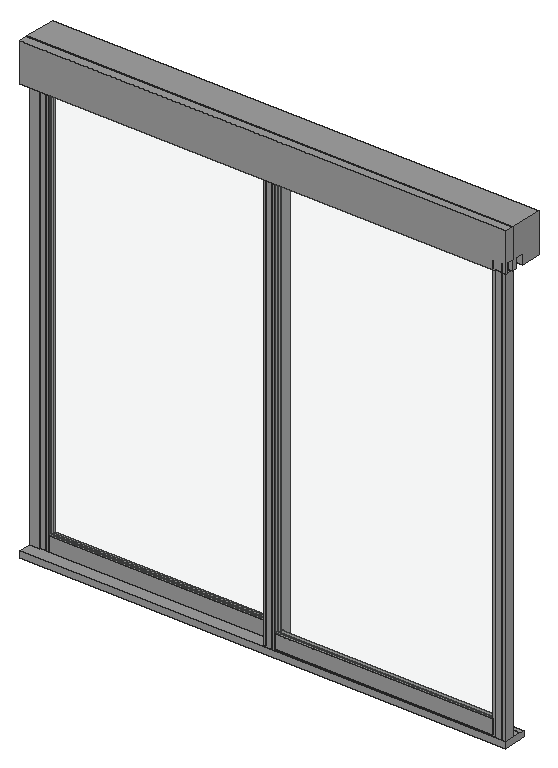
Revit family "Agta_Record_SldngDrset_THERMCORD-E-STA", category Doors, Revit 2012
Parameters (values of type "THERMCORD E-STA-L 200mm drive unit height - left - with side panel")
  WithoutDriveCladding(OnlyApplicableForTypesWithoutSidePanels) = not(WithDriveCladding)  # no
  Without side panels = and(not(Right Panel), not(Left Panel))  # no
  WithinStandardSizes = and(OpeningWidth > 799.90 mm, OpeningWidth < 3000.10 mm, ClearHeightOfPassage < 3000.10 mm, ClearHeightOfPassage > 1999.90 mm)  # yes
  WithDriveCladding = yes
  WarrantyDurationUnit = "Depends on country"
  WallMountingProfile = no
  Wall Opening Width = if(and(Right Panel, Left Panel), OpeningWidth + Side Panel Width Right + Side Panel Width Left, if(Right Panel, OpeningWidth + Side Panel Width Right, if(Left Panel, OpeningWidth + Side Panel Width Left, OpeningWidth)))  # 2446.00 mm
  TotalWidth = if(Left Panel, Side Panel Width Left + OpeningWidth + 51.00 mm, if(Right Panel, Side Panel Width Right + OpeningWidth + 51.00 mm, OpeningWidth + 105.50 mm))  # 2497.00 mm
  TotalHeight = ClearHeightOfPassage + DriveUnitHeight  # 2350.00 mm
  SustainabilityPerformance = "n/a"
  SupportLengthRight = if(Interlacing profile right, (OpeningWidth - 46.00 mm) / 2 + Side Panel Width Right, (OpeningWidth / 2) + 74.00 mm)  # 674.00 mm
  SupportLengthLeft = if(Interlacing profile left, (OpeningWidth - 46.00 mm) / 2 + Side Panel Width Left, (OpeningWidth / 2) + 74.00 mm)  # 1823.00 mm
  SupportLength = SupportLengthRight + SupportLengthLeft  # 2497.00 mm
  Side Panel Width Right = Side Panel Minimum Standard + ExtraRight  # 1246.00 mm
  Side Panel Width Left = Side Panel Minimum Standard + ExtraLeft  # 1246.00 mm
  ServiceLifeType = "n/a"
  Right Profile = DoorOpeningLeft > DoorOpeningRight  # no
  Right Panel = no
  Revision = "n/a"
  Profile Opening Right = if(Interlacing profile left, DoorOpeningRestriction, 0.00 mm)  # 0.00 mm
  Profile Opening Left = if(Interlacing profile right, DoorOpeningRestriction, 0.00 mm)  # 0.00 mm
  ProductInformation = "www.agta-record.com"
  Process = "n/a"
  PanelHeight = ClearHeightOfPassage + 50.00 mm  # 2200.00 mm
  PanelFrames = Sliding Door, Aluminium
  PanelFill = Sliding Door, Laminated Safety Glass (Clear)
  Outer Panel Width Right = Side Panel Minimum Standard - 32.82 mm + ExtraRight  # 1213.18 mm
  Outer Panel Width Left = Side Panel Minimum Standard - 32.82 mm + ExtraLeft  # 1213.18 mm
  OpeningWidth = 1200.00 mm
  Name = "n/a"
  NBSTypeID = "n/a"
  NBSReference = "25-50-20/175"
  NBSOfficeMasterTag = "n/a"
  NBSNote = "n/a"
  NBSDescription = "Automatic Sliding Door"
  NBSCertification = "n/a"
  Mounting profile right = and(Right Panel, WallMountingProfile)  # no
  Mounting profile left = and(Left Panel, WallMountingProfile)  # no
  Modified Profile = or(Wall Opening Width = OpeningWidth, WallMountingProfile)  # no
  ModelNumber = "n/a"
  ModelLabel = "n/a"
  MethodOfMeasurement = "n/a"
  ManufacturerName = "Record"
  Left Profile = DoorOpeningRight > DoorOpeningLeft  # no
  Left Panel = yes
  Interlacing profile right = no
  Width = TotalWidth  # 2497.00 mm
  Weight = "Depends on configuration and size"
  WarrantyStartDate = "Depends on country"
  WarrantyGuarantorParts = "Local door manufacturer"
  WarrantyGuarantorLabour = "Local door manufacturer"
  WarrantyDurationParts = "Depends on country"
  WarrantyDurationLabour = "Depends on country"
  WarrantyDescription = "Depends on country"
  Version = "Version 1.0"
  Uniclass2 = "Ss_25_30_20_77"
  URL = "www.agta-record.com"
  Type Comments = ""
  ThresholdStripping = "No additional required, part of the doorset"
  ThresholdRequired = yes
  ThermalTransmittance = 0
  TagNumber = "n/a"
  SmokeStop = no
  Size = "n/a"
  Side Panel Minimum Standard = Inner Panel Width  # 1246.00 mm
  Shape = "Rectangular"
  ServiceLifeDuration = "10-15 years"
  SerialNumber = "n/a"
  SelfClosing = yes
  Rough Width = TotalWidth + 6.00 mm  # 2503.00 mm
  Rough Height = TotalHeight + 6.00 mm  # 2356.00 mm
  ReplacementCost = "Depends on the configuration and door type"
  ReferenceStandard = "EN16005, EN16361, DIN 18650, etc."
  Reference = "n/a"
  ProductionYear = "n/a"
  PassageWidthOptions = "n/a"
  Operation = "n/a"
  NominalWidth = TotalWidth  # 2497.00 mm
  NominalLength = 0.00 mm
  NominalHeight = TotalHeight  # 2350.00 mm
  ModelReference = "Depends on the configuration"
  Model = "THERMCORD E-STA"
  Material = "Aluminium"
  ManufacturerURL = "www.agta-record.com"
  Manufacturer = "Record"
  LeafColourOptions = "All RAL, customer specific"
  Keynote = ""
  IssueDate = ""
  IsExternal = yes
  Interlancing Profile Height = PanelHeight - 5.00 mm  # 2195.00 mm
  Interlacing profile left = yes
  Interlacing profile 3 = and(Wall Opening Width = OpeningWidth, WithDriveCladding)  # no
  Interlacing profile 2 = and(Wall Opening Width = OpeningWidth, [WithoutDriveCladding(OnlyApplicableForTypesWithoutSidePanels)])  # no
  Interlacing profile 1 = yes
  InstallationDate = "n/a"
  Inner Panel Width = OpeningWidth + 46.00 mm  # 1246.00 mm
  Inner Panel Profile = not(Modified Profile)  # yes
  Infiltration = "n/a"
  IfcExportType = "Door"
  IfcExportAs = "IfcDoorStyle"
  Height = TotalHeight  # 2350.00 mm
  HasDrive = yes
  HandicapAccessible = yes
  Grade = "n/a"
  GlassType = "Part of glazing spec"
  GlassThickness2 = "None (default)"
  GlassThickness1 = "8 mm (default)"
  GlassLayers = 2
  Function = Exterior
  FrameSeal = yes
  FrameProfile = "Aluminium"
  FrameMaterial = "Aluminium"
  FrameFinishOptions = "n/a"
  FloorGuide = Sliding Door, Stainless Steel
  Floor List Depth = if(WithDriveCladding, 89.00 mm, 46.75 mm)  # 89.00 mm
  FireExit = no
  Finish = "Powder coated, Anodized, customer specific"
  Features = "n/a"
  ExtraWidthRight = 0.00 mm
  ExtraWidthLeft = 0.00 mm
  ExtraRight = if(not(Right Panel), 0.00 mm, ExtraWidthRight)  # 0.00 mm
  ExtraLeft = if(not(Left Panel), 0.00 mm, ExtraWidthLeft)  # 0.00 mm
  ExpectedLife = "n/a"
  ElectronicLock = yes
  DurationUnit = "n/a"
  DriveUnitHeight = 200.00 mm
  DriveUnit = Sliding Door, Sheet Metal (Painted Steel)
  Drive Unit Extra Width Right = if(ExtraRight > 65.00 mm, ExtraRight, 65.00 mm)  # 65.00 mm
  Drive Unit Extra Width Left = if(ExtraLeft > 65.00 mm, ExtraLeft, 65.00 mm)  # 65.00 mm
  Drive Unit Center Distance = (OpeningWidth / 2) + Side Panel Width Left + if(ExtraLeft > 65.00 mm, 0.00 mm, 65.00 mm - ExtraLeft) - if(Drive Unit Extra Width Right > Drive Unit Extra Width Left, 0.00 mm, Drive Unit Extra Width Right - Drive Unit Extra Width Left) + if(Drive Unit Extra Width Right < Drive Unit Extra Width Left, Drive Unit Extra Width Right - Drive Unit Extra Width Left, 0.00 mm)  # 1911.00 mm
  Drive Depth = if(and([WithoutDriveCladding(OnlyApplicableForTypesWithoutSidePanels)], DriveUnitHeight = 200.00 mm), 167.00 mm, if(and([WithoutDriveCladding(OnlyApplicableForTypesWithoutSidePanels)], DriveUnitHeight = 150.00 mm), 157.00 mm, 210.00 mm))  # 210.00 mm
  DoorsetOperation = "Automatic"
  DoorsetFasteners = "Screws"
  DoorSeal = "1"
  DoorOpeningRight = if(Interlacing profile right, Side Panel Width Left + DoorOpeningRestriction, (Side Panel Width Left - DoorOpeningRestriction))  # 1246.00 mm
  DoorOpeningRestriction = if(DoorOpening > OpeningWidth, OpeningWidth, DoorOpening)  # 0.00 mm
  DoorOpeningLeft = if(Interlacing profile left, Side Panel Width Right + DoorOpeningRestriction, (Side Panel Width Right - DoorOpeningRestriction))  # 1246.00 mm
  DoorOpening = 0.00 mm
  DoorNumber = "n/a"
  DoorIncluded = yes
  Documentation = "n/a"
  DocumentReference = "n/a"
  DistanceToWall = if([WithoutDriveCladding(OnlyApplicableForTypesWithoutSidePanels)], 20.00 mm, 63.00 mm)  # 63.00 mm
  Description = "Automatic Sliding Door"
  Cost = 0
  Construction Type = "Automatic Sliding Door"
  Constituents = "n/a"
  Configuration = "1 or 2"
  Colour = "Customer specific"
  CodePerformance = "n/a"
  Clearance Zones = no
  ClearHeightOfPassage = 2150.00 mm
  Category = "n/a"
  BarCode = "n/a"
  BIMObjectName = "THERMCORD E-STA.rfa"
  Author = "agtatec"
  AssetType = "n/a"
  AssetIdentifier = "n/a"
  Assembly Code = "B2030110"
  AntiFingerTrapRequirement = yes
  AlternativeDoorsetGlazing = "Part of glazing spec"
  AccessoryOptions = "Contact manufacturer"
  AccessibilityPerformance = "n/a"
Reference planes
  plane 1 "Center (Front/Back)": y = 0
  plane 2: z = 0
  plane 3 "Ref": x = -0.003
  plane 4: y = 5.15
  plane 5: y = 101
  plane 6: z = 2350
  plane 7: z = 2150
  plane 8: z = 2508.08
  plane 9: x = -1251.003
  plane 10: z = 2370
  plane 11: y = 410
  plane 12 "Reference": z = 270
  plane 13 "2D Lines": z = 100
  plane 14: x = -1200.003
  plane 15: y = 63
  plane 16: x = 1245.997
  plane 17 "Center (Left/Right)": x = -577.003
  plane 18: x = 45.997
  plane 19: x = 96.997
  plane 20: x = -1154.003
  plane 21: x = 8.497
  plane 22: x = -1162.503
  plane 23: x = -2400.003
  plane 24: y = 46
  plane 25: x = -1154.003
  plane 26: x = -0.003
  plane 27: x = 1245.997
  plane 28: x = -1251.003
  plane 29: y = 210
Forms (mm)
  Extrusion 1, solid, material "Sliding Door, Aluminium" <- "PanelFrames", visible <- "Left Panel"
    sketch origin (-430.68, 0, 0) x (-1, 0, 0) y (0, -1, 0)
      loop
        line (-1621.677, -5.15) -> (-1621.677, 0) -> (-1676.677, 0) -> (-1676.677, -46) -> (-1621.677, -46) -> (-1621.677, -43.15) -> (-1667.037, -43.15) -> (-1667.037, -5.15) -> (-1621.677, -5.15)
    from 0 to 2150
  Extrusion 2, solid, material "Sliding Door, Stainless Steel" <- "FloorGuide"
    sketch origin (-0.003, 0, 0) x (0, 1, 0) y (0, 0, 1)
      loop
        line (0, 0) -> (0, -30) -> (116, -30) -> (116, 0) -> (96, 0) -> (96, -28) -> (89, -28) -> (89, 0) -> (0, 0)
    from -1251 to 1246
  Extrusion 3, solid, material "Sliding Door, Aluminium" <- "PanelFrames", visible <- "Mounting profile left"
    sketch origin (-430.68, 0, 0) x (1, 0, 0) y (0, 1, 0)
      loop
        line (1676.677, 46) -> (1676.677, 0) -> (1701.677, 0) -> (1701.677, 2.5) -> (1687.177, 2.5) -> (1687.177, 46) -> (1676.677, 46)
    from 0 to 2150
  Extrusion 4, solid, material "Sliding Door, Aluminium" <- "PanelFrames", visible <- "Right Panel"
    sketch origin (-723.327, 0, 0) x (1, 0, 0) y (0, 1, 0)
      loop
        line (-1621.677, 5.15) -> (-1667.037, 5.15) -> (-1667.037, 43.15) -> (-1621.677, 43.15) -> (-1621.677, 46) -> (-1676.677, 46) -> (-1676.677, 0) -> (-1621.677, 0) -> (-1621.677, 5.15)
    from 0 to 2150
  Extrusion 5, solid, material "Sliding Door, Aluminium" <- "PanelFrames", visible <- "Mounting profile right"
    sketch origin (-723.327, 0, 0) x (-1, 0, 0) y (0, -1, 0)
      loop
        line (1676.677, -46) -> (1687.177, -46) -> (1687.177, -2.5) -> (1701.677, -2.5) -> (1701.677, 0) -> (1676.677, 0) -> (1676.677, -46)
    from 0 to 2150
  Extrusion 6, solid, material "Clearance Zones", visible <- "Clearance Zones"
    sketch origin (-577.003, -62.403, 1200) x (0, -1, 0) y (0, 0, 1)
      loop
        line (-62.403, 1170) -> (-472.403, 1170) -> (-472.403, -1200) -> (-62.403, -1200) -> (-62.403, 1170)
    from -1823 to 674
Lines and regions (mm)
  Masking region 1, visible <- "Left Panel"
    outline origin (0, 0, 0) x (1, 0, 0) y (0, 1, 0)
      loop
        line (1190.997, 43.15) -> (1221.677, 43.15) -> (1221.677, 5.15) -> (1190.997, 5.15) -> (1190.997, 0) -> (1245.997, 0) -> (1245.997, 46) -> (1190.997, 46) -> (1190.997, 43.15)
  Masking region 2, visible <- "Mounting profile left"
    outline origin (0, 0, 0) x (1, 0, 0) y (0, 1, 0)
      loop
        line (1245.997, 46) -> (1245.997, 0) -> (1270.997, 0) -> (1270.997, 2.5) -> (1256.497, 2.5) -> (1256.497, 46) -> (1245.997, 46)
  Masking region 3, visible <- "Right Panel"
    outline origin (0, 0, 0) x (1, 0, 0) y (0, 1, 0)
      loop
        line (-2345.003, 43.15) -> (-2345.003, 46) -> (-2400.003, 46) -> (-2400.003, 0) -> (-2345.003, 0) -> (-2345.003, 5.15) -> (-2375.683, 5.15) -> (-2375.683, 43.15) -> (-2345.003, 43.15)
  Masking region 4, visible <- "Mounting profile right"
    outline origin (0, 0, 0) x (1, 0, 0) y (0, 1, 0)
      loop
        line (-2410.503, 46) -> (-2410.503, 2.5) -> (-2425.003, 2.5) -> (-2425.003, 0) -> (-2400.003, 0) -> (-2400.003, 46) -> (-2410.503, 46)
  symbolic lines, style "Opening simbol"
    curve 1: line (-502.003, -50, 0) -> (-652.003, -50, 0)
  symbolic lines, style "Opening simbol", visible <- "Interlacing profile left"
    curve 2: line (-502.003, -50, 0) -> (-537.359, -14.645, 0)
    curve 3: line (-502.003, -50, 0) -> (-537.359, -85.355, 0)
  symbolic lines, style "DoorsPanelProjection", visible <- "Left Panel", detail levels medium+fine
    curve 4: line (1190.997, 43.15, 100) -> (1236.357, 43.15, 100)
    curve 5: line (1236.357, 43.15, 100) -> (1236.357, 5.15, 100)
    curve 6: line (1236.357, 5.15, 100) -> (1190.997, 5.15, 100)
    curve 7: line (1221.677, 43.15, 100) -> (1221.677, 5.15, 100)
  symbolic lines, style "DoorsPanelProjection", visible <- "Right Panel", detail levels medium+fine
    curve 8: line (-2345.003, 43.15, 100) -> (-2390.363, 43.15, 100)
    curve 9: line (-2390.363, 43.15, 100) -> (-2390.363, 5.15, 100)
    curve 10: line (-2390.363, 5.15, 100) -> (-2345.003, 5.15, 100)
    curve 11: line (-2375.683, 5.15, 100) -> (-2375.683, 43.15, 100)
  symbolic lines, style "Doors", visible <- "Interlacing profile left"
    curve 12: line (-1200.003, 63, 100) -> (-1183.753, 63, 100)
  symbolic lines, style "Doors", visible <- "Interlacing profile right"
    curve 13: line (45.997, 63, 100) -> (29.747, 63, 100)
  symbolic lines, style "Opening simbol", visible <- "Interlacing profile right"
    curve 14: line (-652.003, -50, 0) -> (-616.648, -14.645, 0)
    curve 15: line (-652.003, -50, 0) -> (-616.648, -85.355, 0)
  symbolic lines, style "Doors", visible <- "Left Profile", detail levels medium+fine
    curve 16: line (45.997, 63, 270) -> (45.997, 101, 270)
  symbolic lines, visible <- "Right Profile", detail levels medium+fine
    curve 17: line (-1200.003, 101, 270) -> (-1200.003, 63, 270)
Text (mm)
  text "Right" at (-1678.087, 0, 3204.03), in view "Back"
  text "Left" at (1021.913, 0, 3204.03), in view "Back"
Dimensions and locks
  locked: plane 4 to plane 1 "Center (Front/Back)" at 5.15
  locked: plane 1 "Center (Front/Back)" to plane 5 at 101
  "DriveUnitHeight": plane 6 to plane 7
  locked: plane 8 to plane 7 at 358.08
  "ClearHeightOfPassage": plane 7 to plane 2
  locked: plane 10 to plane 6 at 20
  "OpeningWidth": plane 14 to plane 3 "Ref"
  locked: plane 9 to plane 14 at 51
  "Side Panel Width Left": plane 3 "Ref" to plane 16
  locked: plane 18 to plane 19 at 51
  "OpeningWidth": plane 20 to plane 18
  "Inner Panel Width": plane 14 to plane 18
  equal spacing: plane 14, plane 17 "Center (Left/Right)", plane 18
  locked: plane 3 "Ref" to plane 21 at 8.5
  locked: plane 22 to plane 20 at 8.5
  "Side Panel Width Right": plane 23 to plane 20
  locked: plane 1 "Center (Front/Back)" to plane 24 at 46
  "DistanceToWall": plane 15 to plane 1 "Center (Front/Back)"
  locked: plane 15 to nested 7 at 6.12
  locked: plane 15 to nested 3 at 6.12
  "DoorOpeningLeft": plane 23 to plane 25
  "DoorOpeningRight": plane 26 to plane 16
  "Profile Opening Right": plane 18 to nested 4
  "Profile Opening Left": nested 6 to plane 14
  "SupportLengthLeft": plane 17 "Center (Left/Right)" to plane 27
  "SupportLengthRight": plane 28 to plane 17 "Center (Left/Right)"
  "Drive Depth": plane 1 "Center (Front/Back)" to plane 29
  "DriveUnitHeight": plane 29 to plane 11
  locked: Extrusion 2 sketch curve to Extrusion 2 sketch curve at 20
  locked: Extrusion 2 sketch curve to Extrusion 2 sketch curve at 7
  "Floor List Depth": plane 1 "Center (Front/Back)" to Extrusion 2 sketch curve
  locked: curve 17 to curve 17 at 38
  locked: curve 16 to curve 16 at 38
  aligned and locked: plane 2 to level
  aligned and locked: plane 7 to Extrusion 3
  aligned and locked: plane 7 to Extrusion 1
  aligned and locked: plane 6 to nested 2
  aligned and locked: Extrusion 3 sketch curve to Extrusion 1
  aligned and locked: plane 16 to Extrusion 1
  aligned and locked: nested 1 to plane 21
  aligned and locked: nested 8 to plane 22
  aligned and locked: Extrusion 5 sketch curve to plane 23
  aligned and locked: Extrusion 1 sketch curve to plane 24
  aligned and locked: Extrusion 3 to plane 24
  aligned and locked: plane 24 to Masking region 1 sketch curve
  aligned and locked: Masking region 2 to plane 24
  aligned and locked: plane 24 to Extrusion 5 sketch curve
  aligned and locked: curve 4 to Extrusion 1
  aligned and locked: plane 24 to Masking region 3
  aligned and locked: plane 15 to nested 4
  aligned and locked: plane 15 to nested 10
  aligned and locked: plane 20 to nested 7
  aligned and locked: nested 3 to plane 3 "Ref"
  aligned and locked: plane 7 to Extrusion 4
  aligned and locked: plane 7 to Extrusion 5
  aligned and locked: plane 26 to nested 5
  aligned and locked: nested 9 to plane 15
  aligned and locked: plane 15 to nested 5
  aligned and locked: nested 2 to plane 17 "Center (Left/Right)"
  aligned and locked: Extrusion 2 to plane 28
  aligned and locked: Extrusion 2 to plane 27
  aligned and locked: nested 2 to plane 1 "Center (Front/Back)"
  aligned and locked: plane 10 to Extrusion 6 sketch curve
  aligned and locked: plane 11 to Extrusion 6 sketch curve
  aligned and locked: plane 1 "Center (Front/Back)" to Extrusion 6 sketch curve
  aligned and locked: level to Extrusion 6 sketch curve
  aligned and locked: Extrusion 6 to plane 27
  aligned and locked: Extrusion 6 to plane 28
  aligned and locked: curve 16 to nested 5
  aligned and locked: nested 5 to curve 13
  aligned and locked: curve 13 to nested 5
  aligned and locked: curve 17 to nested 5
  aligned and locked: curve 12 to nested 5
  aligned and locked: curve 17 to curve 12
Automatic sketch dimensions
  Extrusion 2 sketch curve to level = 0.00 mm  (x2)
  Extrusion 2 sketch curve to plane 1 "Center (Front/Back)" = 0.00 mm
  Extrusion 2 sketch curve to level = 28.00 mm
  Extrusion 2 sketch curve to level = 30.00 mm
  Extrusion 5 sketch curve to plane 1 "Center (Front/Back)" = 0.00 mm
  Extrusion 5 sketch curve to plane 23 = 10.50 mm
  Extrusion 5 sketch curve to Extrusion 5 sketch curve = 14.50 mm
  plane 1 "Center (Front/Back)" to Extrusion 5 sketch curve = 2.50 mm
  Extrusion 1 sketch curve to plane 16 = 0.00 mm
  Extrusion 1 sketch curve to plane 4 = 0.00 mm
  plane 1 "Center (Front/Back)" to Extrusion 1 sketch curve = 0.00 mm
  plane 24 to Extrusion 1 sketch curve = 2.85 mm
  plane 16 to Extrusion 1 sketch curve = 9.64 mm
  Extrusion 1 sketch curve to Extrusion 1 sketch curve = 45.36 mm
  Extrusion 1 sketch curve to Extrusion 1 sketch curve = 0.00 mm
  Extrusion 3 sketch curve to plane 24 = 0.00 mm
  plane 1 "Center (Front/Back)" to Extrusion 3 sketch curve = 0.00 mm
  Extrusion 3 sketch curve to Extrusion 3 sketch curve = 10.50 mm
  Extrusion 3 sketch curve to Extrusion 3 sketch curve = 14.50 mm
  Extrusion 3 sketch curve to plane 1 "Center (Front/Back)" = 2.50 mm
  Extrusion 4 sketch curve to plane 23 = 0.00 mm
  Extrusion 4 sketch curve to plane 4 = 0.00 mm
  plane 1 "Center (Front/Back)" to Extrusion 4 sketch curve = 0.00 mm
  Extrusion 4 sketch curve to plane 24 = 0.00 mm
  Extrusion 4 sketch curve to plane 24 = 2.85 mm
  Extrusion 4 sketch curve to plane 23 = 9.64 mm
  Extrusion 4 sketch curve to Extrusion 4 sketch curve = 45.36 mm
  Extrusion 4 sketch curve to Extrusion 4 sketch curve = 0.00 mm
  Masking region 1 sketch curve to plane 4 = 0.00 mm
  plane 1 "Center (Front/Back)" to Masking region 1 sketch curve = 0.00 mm
  Masking region 1 sketch curve to plane 16 = 0.00 mm
  Masking region 1 sketch curve to plane 16 = 24.32 mm
  Masking region 1 sketch curve to plane 24 = 2.85 mm
  Masking region 1 sketch curve to Masking region 1 sketch curve = 30.68 mm  (x2)
  Masking region 2 sketch curve to plane 16 = 0.00 mm
  Masking region 2 sketch curve to plane 24 = 0.00 mm
  plane 1 "Center (Front/Back)" to Masking region 2 sketch curve = 0.00 mm
  plane 16 to Masking region 2 sketch curve = 10.50 mm
  Masking region 2 sketch curve to Masking region 2 sketch curve = 14.50 mm
  Masking region 2 sketch curve to plane 1 "Center (Front/Back)" = 2.50 mm
  plane 1 "Center (Front/Back)" to Masking region 3 sketch curve = 0.00 mm
  Masking region 3 sketch curve to plane 23 = 0.00 mm
  Masking region 3 sketch curve to plane 4 = 0.00 mm
  Masking region 3 sketch curve to plane 24 = 0.00 mm
  Masking region 3 sketch curve to plane 23 = 24.32 mm
  Masking region 3 sketch curve to Masking region 3 sketch curve = 30.68 mm  (x2)
  Masking region 3 sketch curve to plane 24 = 2.85 mm
  curve 5 to plane 4 = 0.00 mm
  curve 10 to plane 4 = 0.00 mm
  curve 13 to plane 15 = 0.00 mm
  curve 4 to plane 16 = 55.00 mm
  curve 6 to curve 4 = 0.00 mm
  curve 7 to plane 16 = 24.32 mm
  curve 6 to plane 16 = 9.64 mm
  curve 10 to plane 23 = 55.00 mm
  curve 8 to plane 24 = 2.85 mm
  curve 8 to curve 10 = 0.00 mm
  curve 11 to plane 23 = 24.32 mm
  curve 8 to plane 23 = 9.64 mm
  plane 1 "Center (Front/Back)" to Masking region 4 sketch curve = 0.00 mm
  Masking region 4 sketch curve to plane 24 = 0.00 mm
  Masking region 4 sketch curve to plane 23 = 0.00 mm
  plane 23 to Masking region 4 sketch curve = 10.50 mm
  Masking region 4 sketch curve to Masking region 4 sketch curve = 14.50 mm
  Masking region 4 sketch curve to plane 1 "Center (Front/Back)" = 2.50 mm
  curve 16 to plane 5 = 0.00 mm
  curve 17 to plane 5 = 0.00 mm
  curve 12 to plane 15 = 0.00 mm
  plane 17 "Center (Left/Right)" to curve 1 = 75.00 mm
  plane 17 "Center (Left/Right)" to curve 15 = 39.645 mm
  plane 1 "Center (Front/Back)" to curve 14 = 14.645 mm
  plane 17 "Center (Left/Right)" to curve 14 = 39.645 mm
  plane 1 "Center (Front/Back)" to curve 2 = 14.645 mm
  curve 2 to plane 17 "Center (Left/Right)" = 39.645 mm
  curve 3 to plane 17 "Center (Left/Right)" = 39.645 mm
  plane 1 "Center (Front/Back)" to curve 2 = 50.00 mm
  curve 3 to curve 2 = 35.355 mm
Nested families
  nested 1: "Outer Panel Left" at (8.497, 5.15, 0), visible <- "Left Panel", type "Outer Panel Left"
    with Outer Panel Width Left 1213.18 mm
  nested 2: "Top Element (drive unit)" at (-577.003, 0, 2350), type "Top Element (drive unit)"
    with Support Length Right 674.00 mm, Support Length Left 1823.00 mm, Right Panel no, Left Panel yes, Drive Unit Height 200.00 mm, Drive Depth 2 105.00 mm, Cladding void 100.00 mm
  nested 3: "Interlacing profile" at (8.497, 43.15, 5) x (0, 1, 0) z (0, 0, 1), visible <- "Interlacing profile left", type "Modified profile"
  nested 4: "Interlacing profile" at (45.997, 63, 5) x (0, -1, 0) z (0, 0, 1), visible <- "Interlacing profile left", type "Interlacing profile"
  nested 5: "Inner Panel" at (45.997, 63, 0) x (-1, 0, 0) z (0, 0, 1), type "Inner Panel"
  nested 6: "Interlacing profile" at (-1200.003, 63, 5) x (0, -1, 0) z (0, 0, 1), visible <- "Interlacing profile right", type "Interlacing profile"
  nested 7: "Interlacing profile" at (-1162.503, 43.15, 5) x (0, 1, 0) z (0, 0, 1), visible <- "Interlacing profile right", type "Modified profile"
  nested 8: "Outer Panel Right" at (-2375.683, 5.15, 0), visible <- "Right Panel", type "Outer Panel Right"
    with Outer Panel Width Right 1213.18 mm
  nested 9: "Inner Panel Profile" at (-1200.003, 63, 0), visible <- "Interlacing profile left", type "Inner Panel Profile"
  nested 10: "Inner Panel Profile" at (45.997, 63, 0) x (-1, 0, 0) z (0, 0, 1), visible <- "Interlacing profile right", type "Inner Panel Profile"
  nested 11: "Inner Panel" at (-219.003, 63, 0) x (-1, 0, 0) z (0, 0, 1), type "Inner Panel", not visible
  nested 12: "Interlacing profile" at (-1200.003, 63, 5) x (0, -1, 0) z (0, 0, 1), visible <- "Interlacing profile right", type "Interlacing profile", not visible
  nested 13: "Inner Panel Profile" at (-1200.003, 63, 0), visible <- "Interlacing profile left", type "Inner Panel Profile", not visible
  nested 14: "Interlacing profile" at (45.997, 63, 5) x (0, -1, 0) z (0, 0, 1), visible <- "Interlacing profile left", type "Interlacing profile", not visible
  nested 15: "Inner Panel Profile" at (45.997, 63, 0) x (-1, 0, 0) z (0, 0, 1), visible <- "Interlacing profile right", type "Inner Panel Profile", not visible
Definition of nested family "Outer Panel Left"
  Parameters (values of type "Outer Panel Left")
    Panel Height = 2200.00 mm
    Panel Glass = Sliding Door, Laminated Safety Glass (Clear)
    Panel Frames = Sliding Door, Aluminium
    Outer Panel Width Left = 813.18 mm
  Reference planes
    plane 1 "Center (Front/Back)": y = 0
    plane 2: z = 0
    plane 3 "Center (Left/Right)": x = 0
    plane 4: x = 813.18
    plane 5: z = 2200
    plane 6: x = 767.18
    plane 7: x = 46
    plane 8: z = 2163
    plane 9 "Above": z = 66
    plane 10: x = 781.18
    plane 11: x = 32
    plane 12: x = 782.5
    plane 13: x = 16.25
  Forms (mm)
    Extrusion 1, solid, material "Sliding Door, Aluminium" <- "Panel Frames"
      sketch origin (0, 0, 0) x (1, 0, 0) y (0, 1, 0)
        loop
          line (0, 0) -> (46, 0) -> (46, 2) -> (30, 2) -> (30, 36) -> (46, 36) -> (46, 38) -> (0, 38) -> (0, 0)
      from 0 to 2200
    Extrusion 2, solid, material "Sliding Door, Aluminium" <- "Panel Frames"
      sketch origin (591.5, 0, 0) x (-1, 0, 0) y (0, -1, 0)
        loop
          line (-221.68, 0) -> (-221.68, -38) -> (-175.68, -38) -> (-175.68, -36) -> (-191.68, -36) -> (-191.68, -2) -> (-175.68, -2) -> (-175.68, 0) -> (-221.68, 0)
      from 0 to 2200
    Extrusion 3, solid, material "Sliding Door, Aluminium" <- "Panel Frames"
      sketch origin (75, 0, 0) x (0, 1, 0) y (0, 0, 1)
        loop
          line (0, 2200) -> (0, 2150) -> (2.5, 2150) -> (2.5, 2166) -> (35.5, 2166) -> (35.5, 2150) -> (38, 2150) -> (38, 2200) -> (0, 2200)
      from -29 to 692.18
    Extrusion 4, solid, material "Sliding Door, Laminated Safety Glass (Clear)" <- "Panel Glass"
      sketch origin (0, 0, 0) x (1, 0, 0) y (0, 1, 0)
        loop
          line (32, 34) -> (32, 4) -> (781.18, 4) -> (781.18, 34) -> (32, 34)
      from 66 to 2163
    Extrusion 5, solid, material "Sliding Door, Aluminium" <- "Panel Frames"
      sketch origin (20, 0, 0) x (0, 1, 0) y (0, 0, 1)
        loop
          line (0, 5) -> (2.25, 5) -> (2.25, 0) -> (35.25, 0) -> (35.25, 5) -> (38, 5) -> (38, 77) -> (35.5, 77) -> (35.5, 61) -> (2.5, 61) -> (2.5, 77) -> (0, 77) -> (0, 5)
      from 26 to 747.18
  Lines and regions (mm)
    Masking region 1
      outline origin (0, 0, 0) x (1, 0, 0) y (0, 1, 0)
        loop
          line (0, 38) -> (0, 0) -> (782.5, 0) -> (813.18, 0) -> (813.18, 38) -> (782.5, 38) -> (16.25, 38) -> (0, 38)
    symbolic lines, detail levels medium+fine
      curve 1: line (767.18, 38, 66) -> (767.18, 0, 66)
      curve 2: line (46, 38, 66) -> (46, 0, 66)
    symbolic lines, detail levels fine
      curve 3: line (46, 34, 66) -> (767.18, 34, 66)
      curve 4: line (767.18, 4, 66) -> (46, 4, 66)
  Dimensions and locks
    "Panel Height": plane 5 to plane 2
    locked: plane 7 to plane 3 "Center (Left/Right)" at 46
    locked: plane 6 to plane 4 at 46
    locked: plane 5 to plane 8 at 37
    locked: plane 9 "Above" to level at 66
    locked: plane 4 to plane 10 at 32
    locked: plane 11 to plane 3 "Center (Left/Right)" at 32
    locked: plane 12 to plane 4 at 30.68
    plane 3 "Center (Left/Right)" to plane 13 = 16.25 mm
    "Outer Panel Width Left": plane 4 to plane 3 "Center (Left/Right)"
    aligned and locked: plane 2 to level
    aligned and locked: plane 5 to Extrusion 2
    aligned and locked: plane 5 to Extrusion 1
    aligned and locked: Extrusion 3 to plane 7
    aligned and locked: Extrusion 3 to plane 6
    aligned and locked: plane 8 to Extrusion 4
    aligned and locked: Extrusion 4 to plane 9 "Above"
    aligned and locked: Extrusion 4 to plane 10
    aligned and locked: Extrusion 4 to plane 11
    aligned and locked: Extrusion 1 to level
    aligned and locked: Extrusion 2 to level
    aligned and locked: Extrusion 5 to plane 6
    aligned and locked: Extrusion 5 to plane 7
    aligned and locked: Masking region 1 sketch curve to plane 3 "Center (Left/Right)"
    aligned and locked: Masking region 1 sketch curve to plane 4
    aligned and locked: plane 6 to curve 1
    aligned and locked: curve 2 to plane 7
  Automatic sketch dimensions
    Extrusion 1 sketch curve to plane 3 "Center (Left/Right)" = 0.00 mm
    Extrusion 1 sketch curve to plane 7 = 0.00 mm  (x2)
    plane 1 "Center (Front/Back)" to Extrusion 1 sketch curve = 0.00 mm
    Extrusion 1 sketch curve to plane 11 = 2.00 mm
    Extrusion 1 sketch curve to Extrusion 1 sketch curve = 2.00 mm  (x2)
    Extrusion 1 sketch curve to Extrusion 1 sketch curve = 34.00 mm
    Extrusion 2 sketch curve to plane 4 = 0.00 mm
    Extrusion 2 sketch curve to plane 6 = 0.00 mm  (x2)
    plane 1 "Center (Front/Back)" to Extrusion 2 sketch curve = 0.00 mm
    plane 10 to Extrusion 2 sketch curve = 2.00 mm
    Extrusion 2 sketch curve to Extrusion 2 sketch curve = 2.00 mm  (x2)
    Extrusion 2 sketch curve to Extrusion 2 sketch curve = 34.00 mm
    Extrusion 3 sketch curve to plane 1 "Center (Front/Back)" = 0.00 mm
    Extrusion 3 sketch curve to plane 5 = 0.00 mm
    Extrusion 3 sketch curve to plane 1 "Center (Front/Back)" = 2.50 mm
    plane 8 to Extrusion 3 sketch curve = 3.00 mm
    Extrusion 3 sketch curve to Extrusion 3 sketch curve = 33.00 mm
    Extrusion 3 sketch curve to Extrusion 3 sketch curve = 2.50 mm
    Extrusion 3 sketch curve to plane 8 = 13.00 mm  (x2)
    Extrusion 4 sketch curve to plane 11 = 0.00 mm
    Extrusion 4 sketch curve to plane 10 = 0.00 mm
    Extrusion 4 sketch curve to plane 1 "Center (Front/Back)" = 4.00 mm
    Extrusion 4 sketch curve to Extrusion 4 sketch curve = 30.00 mm
    Extrusion 5 sketch curve to plane 1 "Center (Front/Back)" = 0.00 mm
    Extrusion 5 sketch curve to level = 0.00 mm
    Extrusion 5 sketch curve to plane 1 "Center (Front/Back)" = 2.25 mm
    Extrusion 5 sketch curve to plane 1 "Center (Front/Back)" = 2.50 mm
    level to Extrusion 5 sketch curve = 5.00 mm
    Extrusion 5 sketch curve to Extrusion 5 sketch curve = 33.00 mm  (x2)
    plane 9 "Above" to Extrusion 5 sketch curve = 11.00 mm  (x2)
    Extrusion 5 sketch curve to Extrusion 5 sketch curve = 2.50 mm
    Extrusion 5 sketch curve to Extrusion 5 sketch curve = 5.00 mm
    Extrusion 5 sketch curve to plane 9 "Above" = 5.00 mm
    plane 1 "Center (Front/Back)" to Masking region 1 sketch curve = 0.00 mm
    Masking region 1 sketch curve to Masking region 1 sketch curve = 38.00 mm
    plane 12 to Masking region 1 sketch curve = 0.00 mm  (x2)
    Masking region 1 sketch curve to plane 13 = 0.00 mm
    plane 1 "Center (Front/Back)" to curve 2 = 0.00 mm
    plane 1 "Center (Front/Back)" to curve 1 = 0.00 mm
    curve 4 to curve 2 = 4.00 mm
    curve 3 to curve 4 = 30.00 mm
    curve 1 to curve 3 = 4.00 mm
    curve 2 to curve 3 = 4.00 mm
Definition of nested family "Top Element (drive unit)"
  Parameters (values of type "Top Element (drive unit)")
    Without side panels = and(not(Right Panel), not(Left Panel))  # no
    Wall Mounting Option 2 = not(Wall Mounting Option 1)  # no
    Wall Mounting Option 1 = yes
    Total Width = 2497.00 mm
    Support Length Right = 1500.00 mm
    Support Length Left = 1500.00 mm
    Support Length = 2497.00 mm
    Right Panel = yes
    Left Panel = no
    Drive Unit Height = 150.00 mm
    Drive Unit = Sliding Door, Sheet Metal (Painted Steel)
    Drive Depth 3 = if(Wall Mounting Option 2, 0.00 mm, 43.00 mm)  # 43.00 mm
    Drive Depth 2 = if(and(Wall Mounting Option 2, Drive Unit Height = 150.00 mm), 86.00 mm, if(Drive Unit Height = 150.00 mm, 98.00 mm, 105.00 mm))  # 98.00 mm
    Drive Depth = if(and(Wall Mounting Option 2, Drive Unit Height = 200.00 mm), 167.00 mm, if(and(Wall Mounting Option 2, Drive Unit Height = 150.00 mm), 157.00 mm, 210.00 mm))  # 210.00 mm
    Cladding void = if(Without side panels, 42.00 mm, Drive Depth - Drive Depth 2 - 5.00 mm)  # 107.00 mm
    Cladding profile = not(Wall Mounting Option 2)  # yes
  Reference planes
    plane 1 "Center (Front/Back)": y = 0
    plane 2: z = 0
    plane 3 "Drive Unit Center (Left/Right)": x = 0
    plane 4: x = -1500
    plane 5: x = 1500
    plane 6: y = 210
    plane 7: y = 112
    plane 8: y = 43
  Forms (mm)
    Extrusion 1, solid, material "Sliding Door, Sheet Metal (Painted Steel)" <- "Drive Unit"
      sketch origin (0, 0, -40.756) x (0, 1, 0) y (0, 0, 1)
        loop
          line (43, 40.756) -> (43, -109.244) -> (63, -109.244) -> (63, -59.244) -> (112, -59.244) -> (112, -109.244) -> (210, -109.244) -> (210, 40.756) -> (43, 40.756)
      from -1500 to 1500
    Extrusion 2, solid, material "Sliding Door, Sheet Metal (Painted Steel)" <- "Drive Unit", visible <- "Cladding profile"
      sketch origin (0, 0, 0) x (0, 1, 0) y (0, 0, 1)
        loop
          line (0, 0) -> (0, -150) -> (43, -150) -> (43, 0) -> (0, 0)
      from -1500 to 1500
    Extrusion 3, void
      sketch origin (0, 112, -78.209) x (0, 0, -1) y (1, 0, 0)
        loop
          line (71.791, -1500) -> (71.791, 1500) -> (21.791, 1500) -> (21.791, -1500) -> (71.791, -1500)
      from 0 to 107 <- "Cladding void"
  Cuts and joins
    Extrusion 3 cuts Extrusion 2
  Dimensions and locks
    "Drive Unit Height": level to Extrusion 1
    "Support Length Right": plane 3 "Drive Unit Center (Left/Right)" to plane 4
    "Support Length Left": plane 5 to plane 3 "Drive Unit Center (Left/Right)"
    "Drive Depth": plane 1 "Center (Front/Back)" to plane 6
    "Drive Depth 2": plane 7 to plane 6
    locked: plane 1 "Center (Front/Back)" to Extrusion 2 sketch curve at 43
    "Drive Depth 3": plane 1 "Center (Front/Back)" to plane 8
    locked: plane 8 to Extrusion 1 sketch curve at 20
    locked: Extrusion 3 sketch curve to Extrusion 3 sketch curve at 50
    aligned and locked: level to plane 2
    aligned and locked: plane 2 to Extrusion 1  (x2)
    aligned and locked: plane 4 to Extrusion 1
    aligned and locked: plane 5 to Extrusion 1
    aligned and locked: plane 6 to Extrusion 1
    aligned and locked: Extrusion 1 to plane 7
    aligned and locked: Extrusion 2 sketch curve to plane 1 "Center (Front/Back)"
    aligned and locked: plane 5 to Extrusion 2
    aligned and locked: plane 4 to Extrusion 2
    aligned and locked: plane 8 to Extrusion 1 sketch curve
    aligned and locked: plane 5 to Extrusion 3 sketch curve
    aligned and locked: plane 4 to Extrusion 3 sketch curve
    aligned and locked: cut or joined group of Extrusion 2, Extrusion 3 to Extrusion 1
    aligned and locked: Extrusion 3 sketch curve to cut or joined group of Extrusion 2, Extrusion 3
  Automatic sketch dimensions
    Extrusion 2 sketch curve to level = 0.00 mm
    Extrusion 2 sketch curve to Extrusion 2 sketch curve = 150.00 mm
    Extrusion 1 sketch curve to level = 0.00 mm
    Extrusion 1 sketch curve to plane 7 = 0.00 mm
    Extrusion 1 sketch curve to plane 6 = 0.00 mm
    Extrusion 1 sketch curve to level = 100.00 mm
    Extrusion 1 sketch curve to Extrusion 1 sketch curve = 50.00 mm
    Extrusion 1 sketch curve to Extrusion 1 sketch curve = 0.00 mm
Definition of nested family "Interlacing profile"
  Parameters (values of type "Interlacing profile")
    Panel Frames = Sliding Door, Aluminium
    Interlancing Profile Height = 2195.00 mm
    Interlacing profile 3 = no
    Interlacing profile 2 = no
    Interlacing profile 1 = yes
  Types (2): name
    Interlacing profile
    Modified profile
  Reference planes
    plane 1 "Center (Front/Back)": y = 0
    plane 2: z = 0
    plane 3 "Center (Left/Right)": x = 0
    plane 4: z = 2195
    plane 5 "Above": z = 40
    plane 6: y = -8.5
  Forms (mm)
    Extrusion 1, solid, material "Sliding Door, Aluminium" <- "Panel Frames", visible <- "Interlacing profile 1"
      sketch origin (0, 0, 0) x (1, 0, 0) y (0, 1, 0)
        loop
          line (0, 0) -> (-38, 0) -> (-38, -8.5) -> (13.73, -8.5) -> (13.73, 16.25) -> (0, 16.25) -> (0, 0)
      from 0 to 2195
    Extrusion 2, solid, material "Sliding Door, Aluminium" <- "Panel Frames", visible <- "Interlacing profile 2"
      sketch origin (0, 0, 0) x (1, 0, 0) y (0, 1, 0)
        loop
          line (13.73, 16.25) -> (0, 16.25) -> (0, -8.5) -> (13.73, -8.5) -> (13.73, 16.25)
      from 0 to 2195
    Extrusion 3, solid, material "Sliding Door, Aluminium" <- "Panel Frames", visible <- "Interlacing profile 3"
      sketch origin (0, 0, 0) x (1, 0, 0) y (0, 1, 0)
        loop
          line (-38, 0) -> (-38, -8.5) -> (13.73, -8.5) -> (13.73, 16.25) -> (0, 16.25) -> (0, 40.75) -> (-43, 40.75) -> (-43, 0) -> (-38, 0)
      from 0 to 2195
  Lines and regions (mm)
    Masking region 1, visible <- "Interlacing profile 1"
      outline origin (0, 0, 0) x (1, 0, 0) y (0, 1, 0)
        loop
          line (0, 16.25) -> (0, 0) -> (-38, 0) -> (-38, -8.5) -> (13.73, -8.5) -> (13.73, 16.25) -> (0, 16.25)
    Masking region 2, visible <- "Interlacing profile 2"
      outline origin (0, 0, 0) x (1, 0, 0) y (0, 1, 0)
        loop
          line (0, 16.25) -> (0, -8.5) -> (13.73, -8.5) -> (13.73, 16.25) -> (0, 16.25)
    Masking region 3, visible <- "Interlacing profile 3"
      outline origin (0, 0, 0) x (1, 0, 0) y (0, 1, 0)
        loop
          line (-43, 40.75) -> (-43, 0) -> (-38, 0) -> (-38, -8.5) -> (13.73, -8.5) -> (13.73, 16.25) -> (0, 16.25) -> (0, 40.75) -> (-43, 40.75)
    symbolic lines, visible <- "Interlacing profile 1", detail levels medium+fine
      curve 1: line (0, 16.25, 40) -> (0, 0, 40)
      curve 2: line (0, 0, 40) -> (-38, 0, 40)
    symbolic lines, visible <- "Interlacing profile 3"
      curve 3: line (0, 16.25, 40) -> (0, 0, 40)
      curve 4: line (0, 0, 40) -> (-38, 0, 40)
  Dimensions and locks
    "Interlancing Profile Height": plane 4 to level
    aligned and locked: plane 4 to Extrusion 1
    aligned and locked: plane 4 to Extrusion 2
    aligned and locked: plane 4 to Extrusion 3
  Automatic sketch dimensions
    plane 1 "Center (Front/Back)" to Extrusion 1 sketch curve = 0.00 mm
    Extrusion 1 sketch curve to plane 3 "Center (Left/Right)" = 0.00 mm
    plane 1 "Center (Front/Back)" to Extrusion 1 sketch curve = 8.50 mm
    Extrusion 1 sketch curve to plane 3 "Center (Left/Right)" = 38.00 mm
    plane 3 "Center (Left/Right)" to Extrusion 1 sketch curve = 13.73 mm
    Extrusion 1 sketch curve to plane 1 "Center (Front/Back)" = 16.25 mm
    plane 1 "Center (Front/Back)" to Masking region 1 sketch curve = 0.00 mm
    Masking region 1 sketch curve to plane 3 "Center (Left/Right)" = 0.00 mm
    plane 1 "Center (Front/Back)" to Masking region 1 sketch curve = 8.50 mm
    Masking region 1 sketch curve to plane 3 "Center (Left/Right)" = 38.00 mm
    Masking region 1 sketch curve to Masking region 1 sketch curve = 13.73 mm
    Masking region 1 sketch curve to Masking region 1 sketch curve = 16.25 mm
    Extrusion 2 sketch curve to plane 3 "Center (Left/Right)" = 0.00 mm
    Extrusion 2 sketch curve to plane 6 = 0.00 mm
    plane 3 "Center (Left/Right)" to Extrusion 2 sketch curve = 13.73 mm
    Extrusion 2 sketch curve to plane 1 "Center (Front/Back)" = 16.25 mm
    plane 1 "Center (Front/Back)" to Extrusion 3 sketch curve = 0.00 mm
    Extrusion 3 sketch curve to plane 3 "Center (Left/Right)" = 0.00 mm
    Extrusion 3 sketch curve to plane 6 = 0.00 mm
    Extrusion 3 sketch curve to Extrusion 3 sketch curve = 5.00 mm
    plane 3 "Center (Left/Right)" to Extrusion 3 sketch curve = 13.73 mm
    Extrusion 3 sketch curve to plane 1 "Center (Front/Back)" = 16.25 mm
    Extrusion 3 sketch curve to Extrusion 3 sketch curve = 24.50 mm
    Extrusion 3 sketch curve to plane 3 "Center (Left/Right)" = 38.00 mm
    Masking region 2 sketch curve to plane 3 "Center (Left/Right)" = 0.00 mm
    Masking region 2 sketch curve to plane 6 = 0.00 mm
    plane 3 "Center (Left/Right)" to Masking region 2 sketch curve = 13.73 mm
    Masking region 2 sketch curve to plane 1 "Center (Front/Back)" = 16.25 mm
    plane 1 "Center (Front/Back)" to Masking region 3 sketch curve = 0.00 mm
    Masking region 3 sketch curve to plane 6 = 0.00 mm
    Masking region 3 sketch curve to plane 3 "Center (Left/Right)" = 0.00 mm
    Masking region 3 sketch curve to plane 3 "Center (Left/Right)" = 38.00 mm
    Masking region 3 sketch curve to Masking region 3 sketch curve = 5.00 mm
    plane 3 "Center (Left/Right)" to Masking region 3 sketch curve = 13.73 mm
    Masking region 3 sketch curve to plane 1 "Center (Front/Back)" = 16.25 mm
    Masking region 3 sketch curve to Masking region 3 sketch curve = 24.50 mm
    plane 1 "Center (Front/Back)" to curve 4 = 0.00 mm
    curve 4 to plane 3 "Center (Left/Right)" = 0.00 mm
    curve 4 to curve 4 = 38.00 mm
    curve 1 to plane 1 "Center (Front/Back)" = 16.25 mm
Definition of nested family "Inner Panel"
  Parameters (values of type "Inner Panel")
    Panel Height = 2200.00 mm
    Panel Glass = Sliding Door, Laminated Safety Glass (Clear)
    Panel Frames = Sliding Door, Aluminium
    Interlacing profile right = no
    Interlacing profile left = yes
    Inner Panel Width = 1246.00 mm
  Reference planes
    plane 1 "Center (Front/Back)": y = 0
    plane 2: z = 0
    plane 3 "Center (Left/Right)": x = 0
    plane 4: x = 1246
    plane 5: z = 2200
    plane 6: x = 1200
    plane 7: x = 46
    plane 8: z = 2163
    plane 9 "Above": z = 66
    plane 10: x = 1214
    plane 11: x = 32
    plane 12: z = 5
    plane 13: x = 16.25
    plane 14: x = 1229.75
  Forms (mm)
    Extrusion 1, solid, material "Sliding Door, Aluminium" <- "Panel Frames"
      sketch origin (0, 0, 0) x (1, 0, 0) y (0, 1, 0)
        loop
          line (0, 0) -> (46, 0) -> (46, 2) -> (30, 2) -> (30, 36) -> (46, 36) -> (46, 38) -> (0, 38) -> (0, 0)
      from 5 to 2200
    Extrusion 2, solid, material "Sliding Door, Aluminium" <- "Panel Frames"
      sketch origin (591.5, 0, 0) x (-1, 0, 0) y (0, -1, 0)
        loop
          line (-654.5, 0) -> (-654.5, -38) -> (-608.5, -38) -> (-608.5, -36) -> (-624.5, -36) -> (-624.5, -2) -> (-608.5, -2) -> (-608.5, 0) -> (-654.5, 0)
      from 5 to 2200
    Extrusion 3, solid, material "Sliding Door, Aluminium" <- "Panel Frames"
      sketch origin (-55, 0, 0) x (0, 1, 0) y (0, 0, 1)
        loop
          line (0, 5) -> (2.25, 5) -> (2.25, 26.2) -> (22.5, 26.2) -> (22.5, 5) -> (38, 5) -> (38, 77) -> (35.5, 77) -> (35.5, 61) -> (2.5, 61) -> (2.5, 77) -> (0, 77) -> (0, 5)
      from 101 to 1255
    Extrusion 4, solid, material "Sliding Door, Aluminium" <- "Panel Frames"
      sketch origin (75, 0, 0) x (0, 1, 0) y (0, 0, 1)
        loop
          line (0, 2200) -> (0, 2150) -> (2.5, 2150) -> (2.5, 2166) -> (35.5, 2166) -> (35.5, 2150) -> (38, 2150) -> (38, 2200) -> (0, 2200)
      from -29 to 1125
    Extrusion 5, solid, material "Sliding Door, Laminated Safety Glass (Clear)" <- "Panel Glass"
      sketch origin (0, 0, 0) x (1, 0, 0) y (0, 1, 0)
        loop
          line (32, 34) -> (32, 4) -> (1214, 4) -> (1214, 34) -> (32, 34)
      from 66 to 2163
  Lines and regions (mm)
    Masking region 1
      outline origin (0, 0, 0) x (1, 0, 0) y (0, 1, 0)
        loop
          line (1246, 38) -> (0, 38) -> (0, 0) -> (16.25, 0) -> (1229.75, 0) -> (1246, 0) -> (1246, 38)
    symbolic lines, detail levels fine
      curve 1: line (46, 34, 66) -> (1200, 34, 66)
      curve 2: line (46, 4, 66) -> (1200, 4, 66)
    symbolic lines, detail levels medium+fine
      curve 3: line (46, 38, 66) -> (46, 0, 66)
      curve 4: line (1200, 0, 66) -> (1200, 38, 66)
    symbolic lines
      curve 5: line (246, 0, 1075) -> (1000, 0, 1075)
    symbolic lines, visible <- "Interlacing profile left"
      curve 6: line (246, 0, 1075) -> (281.355, 0, 1110.355)
      curve 7: line (246, 0, 1075) -> (281.355, 0, 1039.645)
    symbolic lines, visible <- "Interlacing profile right"
      curve 8: line (1000, 0, 1075) -> (964.645, 0, 1110.355)
      curve 9: line (1000, 0, 1075) -> (964.645, 0, 1039.645)
  Dimensions and locks
    "Panel Height": plane 5 to plane 2
    "Inner Panel Width": plane 4 to plane 3 "Center (Left/Right)"
    locked: plane 7 to plane 3 "Center (Left/Right)" at 46
    locked: plane 6 to plane 4 at 46
    locked: plane 5 to plane 8 at 37
    locked: plane 9 "Above" to level at 66
    locked: plane 4 to plane 10 at 32
    locked: plane 11 to plane 3 "Center (Left/Right)" at 32
    locked: plane 3 "Center (Left/Right)" to plane 13 at 16.25
    locked: plane 14 to plane 4 at 16.25
    locked: curve 5 to plane 6 at 200
    locked: curve 5 to plane 7 at 200
    equal spacing: Extrusion 4, curve 5, level
    aligned and locked: plane 2 to level
    aligned and locked: plane 5 to Extrusion 2
    aligned and locked: plane 5 to Extrusion 1
    aligned and locked: Extrusion 1 to Extrusion 2
    aligned and locked: Extrusion 4 to plane 7
    aligned and locked: Extrusion 4 to plane 6
    aligned and locked: Extrusion 3 to plane 7
    aligned and locked: Extrusion 3 to plane 6
    aligned and locked: plane 8 to Extrusion 5
    aligned and locked: Extrusion 5 to plane 9 "Above"
    aligned and locked: Extrusion 5 to plane 10
    aligned and locked: Extrusion 5 to plane 11
    aligned and locked: Extrusion 1 to Extrusion 3
    aligned and locked: Extrusion 3 to Extrusion 2
    aligned and locked: Masking region 1 sketch curve to plane 4
    aligned and locked: Masking region 1 sketch curve to plane 3 "Center (Left/Right)"
    aligned and locked: curve 4 to plane 6
    aligned and locked: curve 3 to plane 7
  Automatic sketch dimensions
    Extrusion 1 sketch curve to plane 3 "Center (Left/Right)" = 0.00 mm
    Extrusion 1 sketch curve to plane 7 = 0.00 mm  (x2)
    plane 1 "Center (Front/Back)" to Extrusion 1 sketch curve = 0.00 mm
    Extrusion 1 sketch curve to plane 1 "Center (Front/Back)" = 2.00 mm
    Extrusion 1 sketch curve to plane 7 = 16.00 mm
    Extrusion 1 sketch curve to Extrusion 1 sketch curve = 34.00 mm
    Extrusion 1 sketch curve to Extrusion 1 sketch curve = 2.00 mm
    Extrusion 2 sketch curve to plane 4 = 0.00 mm
    Extrusion 2 sketch curve to plane 6 = 0.00 mm  (x2)
    plane 1 "Center (Front/Back)" to Extrusion 2 sketch curve = 0.00 mm
    plane 1 "Center (Front/Back)" to Extrusion 2 sketch curve = 2.00 mm
    Extrusion 2 sketch curve to Extrusion 2 sketch curve = 16.00 mm
    Extrusion 2 sketch curve to Extrusion 2 sketch curve = 34.00 mm
    Extrusion 2 sketch curve to Extrusion 2 sketch curve = 2.00 mm
    Extrusion 3 sketch curve to plane 1 "Center (Front/Back)" = 0.00 mm
    Extrusion 3 sketch curve to plane 1 "Center (Front/Back)" = 2.25 mm
    Extrusion 3 sketch curve to plane 1 "Center (Front/Back)" = 2.50 mm
    level to Extrusion 3 sketch curve = 5.00 mm  (x2)
    Extrusion 3 sketch curve to Extrusion 3 sketch curve = 20.25 mm
    Extrusion 3 sketch curve to Extrusion 3 sketch curve = 33.00 mm
    Extrusion 3 sketch curve to Extrusion 3 sketch curve = 2.50 mm
    Extrusion 3 sketch curve to Extrusion 3 sketch curve = 21.20 mm
    Extrusion 3 sketch curve to Extrusion 3 sketch curve = 34.80 mm
    Extrusion 3 sketch curve to Extrusion 3 sketch curve = 16.00 mm  (x2)
    Extrusion 4 sketch curve to plane 1 "Center (Front/Back)" = 0.00 mm
    Extrusion 4 sketch curve to plane 5 = 0.00 mm
    Extrusion 4 sketch curve to plane 1 "Center (Front/Back)" = 2.50 mm
    Extrusion 4 sketch curve to Extrusion 4 sketch curve = 33.00 mm
    Extrusion 4 sketch curve to Extrusion 4 sketch curve = 2.50 mm
    Extrusion 4 sketch curve to plane 5 = 34.00 mm
    Extrusion 4 sketch curve to Extrusion 4 sketch curve = 16.00 mm  (x2)
    Extrusion 5 sketch curve to plane 7 = 14.00 mm
    Extrusion 5 sketch curve to plane 6 = 14.00 mm
    Extrusion 5 sketch curve to plane 1 "Center (Front/Back)" = 4.00 mm
    Extrusion 5 sketch curve to Extrusion 5 sketch curve = 30.00 mm
    plane 1 "Center (Front/Back)" to curve 4 = 0.00 mm
    plane 1 "Center (Front/Back)" to curve 3 = 0.00 mm
    curve 2 to curve 3 = 4.00 mm
    curve 1 to curve 2 = 30.00 mm
    curve 3 to curve 1 = 4.00 mm
    curve 4 to curve 1 = 4.00 mm
    plane 1 "Center (Front/Back)" to Masking region 1 sketch curve = 0.00 mm
    Masking region 1 sketch curve to Masking region 1 sketch curve = 38.00 mm
    plane 13 to Masking region 1 sketch curve = 0.00 mm
    plane 14 to Masking region 1 sketch curve = 0.00 mm
    curve 5 to curve 6 = 35.355 mm
    curve 5 to curve 7 = 35.355 mm
    curve 8 to curve 5 = 35.355 mm
    curve 9 to curve 7 = 0.00 mm
    curve 7 to curve 5 = 35.355 mm
    curve 9 to curve 8 = 35.355 mm
Definition of nested family "Outer Panel Right"
  Parameters (values of type "Outer Panel Right")
    Panel Height = 2200.00 mm
    Panel Glass = Sliding Door, Laminated Safety Glass (Clear)
    Panel Frames = Sliding Door, Aluminium
    Outer Panel Width Right = 813.18 mm
  Reference planes
    plane 1 "Center (Front/Back)": y = 0
    plane 2: z = 0
    plane 3 "Center (Left/Right)": x = 0
    plane 4: x = 813.18
    plane 5: z = 2200
    plane 6: x = 767.18
    plane 7: x = 46
    plane 8: z = 2163
    plane 9 "Above": z = 66
    plane 10: x = 781.18
    plane 11: x = 32
    plane 12: x = 30.68
    plane 13: x = 796.93
  Forms (mm)
    Extrusion 1, solid, material "Sliding Door, Aluminium" <- "Panel Frames"
      sketch origin (0, 0, 0) x (1, 0, 0) y (0, 1, 0)
        loop
          line (0, 0) -> (46, 0) -> (46, 2) -> (30, 2) -> (30, 36) -> (46, 36) -> (46, 38) -> (0, 38) -> (0, 0)
      from 0 to 2200
    Extrusion 2, solid, material "Sliding Door, Aluminium" <- "Panel Frames"
      sketch origin (591.5, 0, 0) x (-1, 0, 0) y (0, -1, 0)
        loop
          line (-221.68, 0) -> (-221.68, -38) -> (-175.68, -38) -> (-175.68, -36) -> (-191.68, -36) -> (-191.68, -2) -> (-175.68, -2) -> (-175.68, 0) -> (-221.68, 0)
      from 0 to 2200
    Extrusion 3, solid, material "Sliding Door, Aluminium" <- "Panel Frames"
      sketch origin (75, 0, 0) x (0, 1, 0) y (0, 0, 1)
        loop
          line (0, 2200) -> (0, 2150) -> (2.5, 2150) -> (2.5, 2166) -> (35.5, 2166) -> (35.5, 2150) -> (38, 2150) -> (38, 2200) -> (0, 2200)
      from -29 to 692.18
    Extrusion 4, solid, material "Sliding Door, Laminated Safety Glass (Clear)" <- "Panel Glass"
      sketch origin (0, 0, 0) x (1, 0, 0) y (0, 1, 0)
        loop
          line (32, 34) -> (32, 4) -> (781.18, 4) -> (781.18, 34) -> (32, 34)
      from 66 to 2163
    Extrusion 5, solid, material "Sliding Door, Aluminium" <- "Panel Frames"
      sketch origin (20, 0, 0) x (0, 1, 0) y (0, 0, 1)
        loop
          line (0, 5) -> (2.25, 5) -> (2.25, 0) -> (35.25, 0) -> (35.25, 5) -> (38, 5) -> (38, 77) -> (35.5, 77) -> (35.5, 61) -> (2.5, 61) -> (2.5, 77) -> (0, 77) -> (0, 5)
      from 26 to 747.18
  Lines and regions (mm)
    Masking region 1
      outline origin (0, 0, 0) x (1, 0, 0) y (0, 1, 0)
        loop
          line (0, 38) -> (0, 0) -> (30.68, 0) -> (813.18, 0) -> (813.18, 38) -> (796.93, 38) -> (30.68, 38) -> (0, 38)
    symbolic lines, detail levels medium+fine
      curve 1: line (767.18, 38, 66) -> (767.18, 0, 66)
      curve 2: line (46, 38, 66) -> (46, 0, 66)
    symbolic lines, detail levels fine
      curve 3: line (46, 34, 66) -> (767.18, 34, 66)
      curve 4: line (46, 4, 66) -> (767.18, 4, 66)
  Dimensions and locks
    "Panel Height": plane 5 to plane 2
    locked: plane 7 to plane 3 "Center (Left/Right)" at 46
    locked: plane 6 to plane 4 at 46
    locked: plane 5 to plane 8 at 37
    locked: plane 9 "Above" to level at 66
    locked: plane 4 to plane 10 at 32
    locked: plane 11 to plane 3 "Center (Left/Right)" at 32
    locked: plane 13 to plane 4 at 16.25
    "Outer Panel Width Right": plane 4 to plane 3 "Center (Left/Right)"
    aligned and locked: plane 2 to level
    aligned and locked: plane 5 to Extrusion 2
    aligned and locked: plane 5 to Extrusion 1
    aligned and locked: Extrusion 3 to plane 7
    aligned and locked: Extrusion 3 to plane 6
    aligned and locked: plane 8 to Extrusion 4
    aligned and locked: Extrusion 4 to plane 9 "Above"
    aligned and locked: Extrusion 4 to plane 10
    aligned and locked: Extrusion 4 to plane 11
    aligned and locked: Extrusion 1 to level
    aligned and locked: Extrusion 2 to level
    aligned and locked: Extrusion 5 to plane 6
    aligned and locked: Extrusion 5 to plane 7
    aligned and locked: Masking region 1 sketch curve to plane 3 "Center (Left/Right)"
    aligned and locked: Masking region 1 sketch curve to plane 4
    aligned and locked: plane 6 to curve 1
    aligned and locked: curve 2 to plane 7
  Automatic sketch dimensions
    Extrusion 1 sketch curve to plane 3 "Center (Left/Right)" = 0.00 mm
    Extrusion 1 sketch curve to plane 7 = 0.00 mm  (x2)
    plane 1 "Center (Front/Back)" to Extrusion 1 sketch curve = 0.00 mm
    Extrusion 1 sketch curve to plane 11 = 2.00 mm
    Extrusion 1 sketch curve to Extrusion 1 sketch curve = 2.00 mm  (x2)
    Extrusion 1 sketch curve to Extrusion 1 sketch curve = 34.00 mm
    Extrusion 2 sketch curve to plane 4 = 0.00 mm
    Extrusion 2 sketch curve to plane 6 = 0.00 mm  (x2)
    plane 1 "Center (Front/Back)" to Extrusion 2 sketch curve = 0.00 mm
    plane 10 to Extrusion 2 sketch curve = 2.00 mm
    Extrusion 2 sketch curve to Extrusion 2 sketch curve = 2.00 mm  (x2)
    Extrusion 2 sketch curve to Extrusion 2 sketch curve = 34.00 mm
    Extrusion 3 sketch curve to plane 1 "Center (Front/Back)" = 0.00 mm
    Extrusion 3 sketch curve to plane 5 = 0.00 mm
    Extrusion 3 sketch curve to plane 1 "Center (Front/Back)" = 2.50 mm
    plane 8 to Extrusion 3 sketch curve = 3.00 mm
    Extrusion 3 sketch curve to Extrusion 3 sketch curve = 33.00 mm
    Extrusion 3 sketch curve to Extrusion 3 sketch curve = 2.50 mm
    Extrusion 3 sketch curve to plane 8 = 13.00 mm  (x2)
    Extrusion 4 sketch curve to plane 11 = 0.00 mm
    Extrusion 4 sketch curve to plane 10 = 0.00 mm
    Extrusion 4 sketch curve to plane 1 "Center (Front/Back)" = 4.00 mm
    Extrusion 4 sketch curve to Extrusion 4 sketch curve = 30.00 mm
    Extrusion 5 sketch curve to plane 1 "Center (Front/Back)" = 0.00 mm
    Extrusion 5 sketch curve to level = 0.00 mm
    Extrusion 5 sketch curve to plane 1 "Center (Front/Back)" = 2.25 mm
    Extrusion 5 sketch curve to plane 1 "Center (Front/Back)" = 2.50 mm
    level to Extrusion 5 sketch curve = 5.00 mm
    Extrusion 5 sketch curve to Extrusion 5 sketch curve = 33.00 mm  (x2)
    plane 9 "Above" to Extrusion 5 sketch curve = 11.00 mm  (x2)
    Extrusion 5 sketch curve to Extrusion 5 sketch curve = 2.50 mm
    Extrusion 5 sketch curve to Extrusion 5 sketch curve = 5.00 mm
    Extrusion 5 sketch curve to plane 9 "Above" = 5.00 mm
    plane 1 "Center (Front/Back)" to Masking region 1 sketch curve = 0.00 mm
    Masking region 1 sketch curve to Masking region 1 sketch curve = 38.00 mm
    Masking region 1 sketch curve to plane 12 = 0.00 mm  (x2)
    Masking region 1 sketch curve to plane 13 = 0.00 mm
    plane 1 "Center (Front/Back)" to curve 2 = 0.00 mm
    plane 1 "Center (Front/Back)" to curve 1 = 0.00 mm
    curve 4 to curve 1 = 4.00 mm
    curve 3 to curve 4 = 30.00 mm
    curve 1 to curve 3 = 4.00 mm
    curve 2 to curve 3 = 4.00 mm
Definition of nested family "Inner Panel Profile"
  Parameters (values of type "Inner Panel Profile")
    Panel Frames = Sliding Door, Aluminium
    Modified Profile = no
    Interlancing Profile Height = 2195.00 mm
    Inner Panel Profile = yes
    Distance to Wall = 63.00 mm
    Clear Height of Passage = 2150.00 mm
  Reference planes
    plane 1 "Center (Front/Back)": y = 0
    plane 2: z = 0
    plane 3 "Center (Left/Right)": x = 0
    plane 4: z = 2195
    plane 5 "Above": z = 40
    plane 6: z = 2150
  Forms (mm)
    Extrusion 1, solid, material "Sliding Door, Aluminium" <- "Panel Frames", visible <- "Inner Panel Profile"
      sketch origin (0, 0, 0) x (1, 0, 0) y (0, 1, 0)
        loop
          line (0, 0) -> (0, 38) -> (-51, 38) -> (-51, 36) -> (-35, 36) -> (-35, 2) -> (-51, 2) -> (-51, 0) -> (0, 0)
      from 0 to 2195
    Extrusion 2, solid, material "Sliding Door, Aluminium" <- "Panel Frames", visible <- "Modified Profile"
      sketch origin (0, 0, 0) x (1, 0, 0) y (0, 1, 0)
        loop
          line (0, 0) -> (0, 38) -> (-51, 38) -> (-51, 36) -> (-35, 36) -> (-35, 0) -> (0, 0)
      from 0 to 2195
    Extrusion 3, solid, material "Sliding Door, Aluminium" <- "Panel Frames", visible <- "Modified Profile"
      sketch origin (0, 0, 0) x (1, 0, 0) y (0, 1, 0)
        loop
          line (-51, 36) -> (-51, -63) -> (-5.5, -63) -> (-5.5, 0) -> (-35, 0) -> (-35, 36) -> (-51, 36)
      from 0 to 2150
  Lines and regions (mm)
    Masking region 1, visible <- "Inner Panel Profile"
      outline origin (0, 0, 0) x (1, 0, 0) y (0, 1, 0)
        loop
          line (-51, 38) -> (-51, 36) -> (-35, 36) -> (-35, 2) -> (-51, 2) -> (-51, 0) -> (0, 0) -> (0, 38) -> (-51, 38)
    Masking region 2, visible <- "Modified Profile"
      outline origin (0, 0, 0) x (1, 0, 0) y (0, 1, 0)
        loop
          line (-51, 36) -> (-35, 36) -> (-35, 0) -> (0, 0) -> (0, 38) -> (-51, 38) -> (-51, 36)
